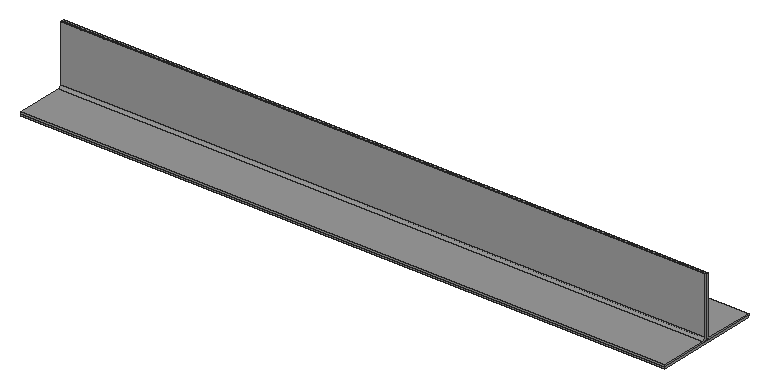
Revit family "K SOFFIT", category Generic Models, Revit 2014
Parameters (values of type "Max lintel length 2700mm")
  URL = "http://www.keystonelintels.co.uk"
  Structural Opening [instance] = 900 mm
  Structural Performance = "The Keystone lintel range has safe working loads as detailed in each applicable loading table in the Keystone Lintel Guide brochure. The structural performance figures within each table have been ascertained by testing in accordance with the requirements of standards BS EN 5977-2: 1983 and BS EN 845-2: 2003."
  RIBA Productor Selector = "available for Keystone Lintels Ltd from Keystone Lintels Ltd from ribaproductselector.com"
  Model = "SW/K SOFFIT"
  Min Length = 600 mm
  Min Clear Span = 300 mm
  Max Length = 4800 mm
  Max Clear Span = 4800 mm
  Material - Stainless Steel = "Grade 304 2b 1.4307 to BS EN 10088-2. Other grades available on request: contact manufacturer."
  Material - Galvanised Steel = "To BS EN 10346: 2009. DX51D plus Z600 or grade Z275 to BS 5977-2: 1983 (BS EN 845-2: 2003)."
  Manufacturer = "Keystone"
  Manufactured Length [instance] = (roundup(Effective Length / 150 mm) * 150 mm)  # 1200 mm
  Lintel height [instance] = 2100 mm
  Keynote = "F30/755"
  Fire Performance = "Keystone lintels have been subjected to a fire test (WARRES No. 101263) in accordance with BS 476-20: 1987, at Exova Warrington Fire and achieved a one hour fire performance."
  End Bearing = 150 mm
  Effective Length [instance] = Clear Opening with MIN MAX set + End Bearing * 2  # 1200 mm
  Corrosion = "Keystone’s standard range of lintels are manufactured from high quality grade pre-galvanized carbon steel with a zinc coating of 600"
  Contact Tel = "+44 (0)28 8676 2184"
  Contact Email = "info@keystonelintels.co.uk"
  Clear Opening with MIN MAX set [instance] = if(Structural Opening < Min Clear Span, Min Clear Span, (if(Structural Opening > Max Clear Span, Max Clear Span, Structural Opening)))  # 900 mm
  CPD Information = "Available for Keystone Lintels Ltd from ribacpd.com"
Reference planes
  plane 1 "Center (Front/Back)": y = 0
  plane 2: z = 0
  plane 3 "Center (Left/Right)": x = 0
  plane 4: x = -600
  plane 5: x = 600
  plane 6: z = 2100
  plane 7: x = -450
  plane 8: x = 450
Forms (mm)
  Extrusion 1, solid, material "Steel"
    sketch origin (0, 716.986, -555.341) x (0, 1, 0) y (0, 0, 1)
      loop
        line (-619.486, 2658.541) -> (-708.786, 2658.541)
        arc (-708.786, 2658.541) -> (-712.322, 2660.006) -> (-713.786, 2663.541) r 5
        line (-713.786, 2663.541) -> (-713.786, 2768.341) -> (-716.986, 2768.341) -> (-716.986, 2663.541)
        arc (-716.986, 2663.541) -> (-714.584, 2657.743) -> (-708.786, 2655.341) r 8.2
        line (-708.786, 2655.341) -> (-619.486, 2655.341) -> (-619.486, 2658.541)
    from -600 to 600
  Extrusion 2, solid, material "Steel"
    sketch origin (0, 716.986, -555.341) x (0, 1, 0) y (0, 0, 1)
      loop
        line (-814.486, 2655.341) -> (-725.186, 2655.341)
        arc (-725.186, 2655.341) -> (-719.388, 2657.743) -> (-716.986, 2663.541) r 8.2
        line (-716.986, 2663.541) -> (-716.986, 2768.341) -> (-720.186, 2768.341) -> (-720.186, 2663.541)
        arc (-720.186, 2663.541) -> (-721.651, 2660.006) -> (-725.186, 2658.541) r 5
        line (-725.186, 2658.541) -> (-814.486, 2658.541) -> (-814.486, 2655.341)
    from -600 to 600
  Extrusion 3, solid, material "Steel"
    sketch origin (0, 716.986, -555.341) x (0, 1, 0) y (0, 0, 1)
      loop
        line (-619.486, 2652.141) -> (-619.486, 2655.341) -> (-814.486, 2655.341) -> (-814.486, 2652.141) -> (-619.486, 2652.141)
    from -600 to 600
  Extrusion 4, solid, not visible
    sketch origin (0, 891.946, 1278.094) x (0, 1, 0) y (0, 0, 1)
      loop
        line (-619.486, 1058.541) -> (-708.786, 1058.541)
        arc (-708.786, 1058.541) -> (-712.322, 1060.006) -> (-713.786, 1063.541) r 5
        line (-713.786, 1063.541) -> (-713.786, 1168.341) -> (-716.986, 1168.341) -> (-716.986, 1063.541)
        arc (-716.986, 1063.541) -> (-714.584, 1057.743) -> (-708.786, 1055.341) r 8.2
        line (-708.786, 1055.341) -> (-619.486, 1055.341) -> (-619.486, 1058.541)
    from 0 to 250
  Extrusion 5, solid, not visible
    sketch origin (0, 595.714, 1218.093) x (0, 1, 0) y (0, 0, 1)
      loop
        line (-814.486, 1055.341) -> (-725.186, 1055.341)
        arc (-725.186, 1055.341) -> (-719.388, 1057.743) -> (-716.986, 1063.541) r 8.2
        line (-716.986, 1063.541) -> (-716.986, 1168.341) -> (-720.186, 1168.341) -> (-720.186, 1063.541)
        arc (-720.186, 1063.541) -> (-721.651, 1060.006) -> (-725.186, 1058.541) r 5
        line (-725.186, 1058.541) -> (-814.486, 1058.541) -> (-814.486, 1055.341)
    from 0 to 250
  Extrusion 6, solid, not visible
    sketch origin (0, 939.341, 969.79) x (0, 1, 0) y (0, 0, 1)
      loop
        line (-619.486, 1052.141) -> (-619.486, 1055.341) -> (-814.486, 1055.341) -> (-814.486, 1052.141) -> (-619.486, 1052.141)
    from 0 to 250
Dimensions and locks
  equal spacing: plane 4, plane 3 "Center (Left/Right)", plane 5
  "Manufactured Length": plane 4 to plane 5
  "Lintel height": plane 6 to level
  "Structural Opening": plane 7 to plane 8
  equal spacing: plane 7, plane 3 "Center (Left/Right)", plane 8
  aligned and locked: level to plane 2
  aligned and locked: Extrusion 1 to plane 6
  aligned and locked: Extrusion 2 to plane 6
  aligned and locked: plane 6 to Extrusion 3
  aligned and locked: plane 5 to Extrusion 1
  aligned and locked: Extrusion 1 to plane 4
  aligned and locked: plane 5 to Extrusion 2
  aligned and locked: Extrusion 2 to plane 4
  aligned and locked: plane 5 to Extrusion 3
  aligned and locked: Extrusion 3 to plane 4
Automatic sketch dimensions
  Extrusion 1 sketch curve to Extrusion 1 sketch curve = 89.3 mm
  Extrusion 1 sketch curve to Extrusion 1 sketch curve = 3.2 mm
  Extrusion 1 sketch curve to Extrusion 1 sketch curve = 0 mm  (x4)
  Extrusion 1 sketch curve to Extrusion 1 sketch curve = 5 mm
  Extrusion 1 sketch curve to Extrusion 1 sketch curve = 104.8 mm
  Extrusion 2 sketch curve to Extrusion 2 sketch curve = 89.3 mm
  Extrusion 2 sketch curve to Extrusion 2 sketch curve = 3.2 mm
  Extrusion 2 sketch curve to Extrusion 2 sketch curve = 0 mm  (x4)
  Extrusion 2 sketch curve to Extrusion 2 sketch curve = 5 mm
  Extrusion 2 sketch curve to Extrusion 2 sketch curve = 104.8 mm
  Extrusion 3 sketch curve to Extrusion 3 sketch curve = 195 mm
  Extrusion 3 sketch curve to Extrusion 3 sketch curve = 3.2 mm
  Extrusion 4 sketch curve to Extrusion 4 sketch curve = 89.3 mm
  Extrusion 4 sketch curve to Extrusion 4 sketch curve = 3.2 mm
  Extrusion 4 sketch curve to Extrusion 4 sketch curve = 0 mm  (x4)
  Extrusion 4 sketch curve to Extrusion 4 sketch curve = 5 mm
  Extrusion 4 sketch curve to Extrusion 4 sketch curve = 104.8 mm
  Extrusion 5 sketch curve to Extrusion 5 sketch curve = 89.3 mm
  Extrusion 5 sketch curve to Extrusion 5 sketch curve = 3.2 mm
  Extrusion 5 sketch curve to Extrusion 5 sketch curve = 0 mm  (x4)
  Extrusion 5 sketch curve to Extrusion 5 sketch curve = 5 mm
  Extrusion 5 sketch curve to Extrusion 5 sketch curve = 104.8 mm
  Extrusion 6 sketch curve to Extrusion 6 sketch curve = 195 mm
  Extrusion 6 sketch curve to Extrusion 6 sketch curve = 3.2 mm
  Extrusion 3 sketch curve to plane 6 = 0 mm
  plane 1 "Center (Front/Back)" to Extrusion 3 sketch curve = 97.5 mm
  Extrusion 2 sketch curve to plane 6 = 0 mm
  Extrusion 2 sketch curve to plane 1 "Center (Front/Back)" = 0 mm
  Extrusion 1 sketch curve to plane 1 "Center (Front/Back)" = 0 mm
  Extrusion 1 sketch curve to plane 6 = 0 mm
